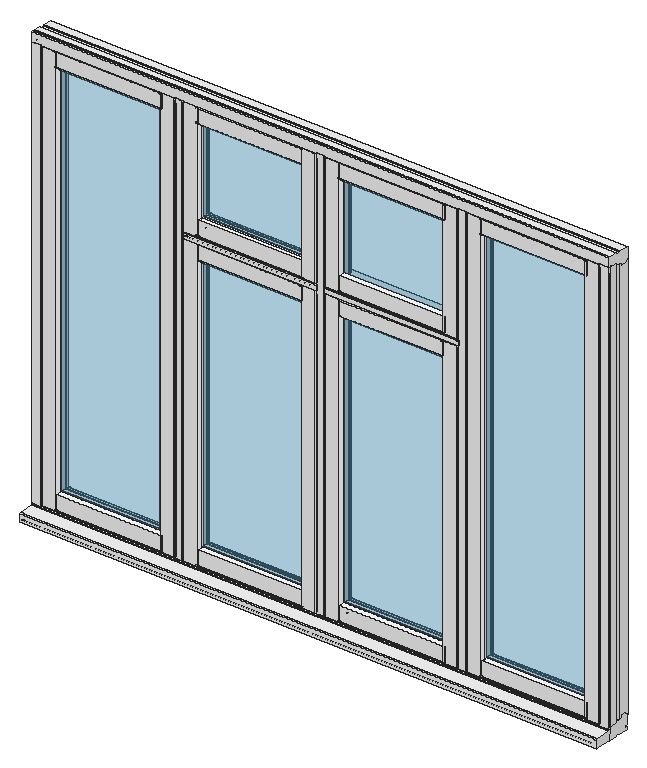
Revit family "C42", category Generic Models, Revit 2012
Parameters (values of type "Window Sill drawing")
  Width = 2358 mm
  Height = 1770 mm
  GlazingPanelMaterial = Glass
  Floor Material = White
Reference planes
  plane 1 "Center (Front/Back)": y = 0
  plane 2: z = 0
  plane 3 "Center (Left/Right)": x = 0
  plane 4: z = 33
  plane 5: x = -1328
  plane 6: x = -149
  plane 7: x = 1030
  plane 8: y = 67
  plane 9: y = -67
  plane 10: z = 1770
  plane 11: z = 117
  plane 12: x = 414
  plane 13: x = 402
  plane 14: z = 60
  plane 15: y = 16.985
  plane 16: z = 1734
  plane 17: z = 1730
  plane 18: x = -1292
  plane 19: x = -1288
  plane 20: x = -132
  plane 21: x = -136
  plane 22: x = -168
  plane 23: x = -164
  plane 24: x = -710
  plane 25: x = -714
  plane 26: z = 1255.81
  plane 27: z = 1251.81
  plane 28: z = 1228.81
  plane 29: z = 1224.81
  plane 30: x = 409.987
  plane 31: x = 994
  plane 32: x = 990
Forms (mm)
  Extrusion 1, solid, not visible
    sketch origin (0, 0, 9.375) x (0, 1, 0) y (0, 0, 1)
      loop
        line (94.662, 311.911) -> (94.314, 312.868) -> (95.314, 312.868) -> (93.454, 317.977) -> (86.115, 317.977) -> (85.011, 317.575) -> (64.143, 317.575) -> (64.143, 311.911) -> (94.662, 311.911)
    from 0 to 250
  Extrusion 2, solid, not visible
    sketch origin (0, 0, 9.375) x (0, 1, 0) y (0, 0, 1)
      loop
        line (93.688, 317.334) -> (85.92, 317.334) -> (87.101, 312.926) -> (95.293, 312.926) -> (93.688, 317.334)
      loop
        line (91.853, 322.376) -> (91.853, 328.194)
        arc (91.853, 328.194) -> (91.424, 329.231) -> (90.388, 329.66) r 1.465
        line (90.388, 329.66) -> (71.853, 329.66) -> (71.853, 322.376) -> (91.853, 322.376)
      loop
        line (73.373, 320.598) -> (64.143, 320.598) -> (64.143, 317.575) -> (73.373, 317.575) -> (73.373, 320.598)
      loop
        line (61.169, 311.884) -> (61.169, 316.884) -> (56.169, 316.884)
        arc (56.169, 316.884) -> (53.926, 317.813) -> (52.996, 320.057) r 3.173
        line (52.996, 320.057) -> (52.996, 327.594)
        arc (52.996, 327.594) -> (53.247, 329.284) -> (54.656, 330.25) r 2.138
        line (54.656, 330.25) -> (56.493, 330.25)
        arc (56.493, 330.25) -> (57.939, 329.727) -> (58.925, 328.548) r 2.95
        line (58.925, 328.548) -> (59.306, 324.922) -> (61.24, 324.922) -> (60.612, 330.901)
        arc (60.612, 330.901) -> (59.723, 332.646) -> (57.894, 333.348) r 2.733
        line (57.894, 333.348) -> (52.423, 333.348)
        arc (52.423, 333.348) -> (50.164, 330.795) -> (49.999, 327.391) r 5.139
        line (49.999, 327.391) -> (47.957, 316.884)
        arc (47.957, 316.884) -> (49.179, 314.507) -> (49.698, 311.884) r 9.583
        line (49.698, 311.884) -> (61.169, 311.884)
    from 0 to 250
  Extrusion 3, solid, not visible
    sketch origin (-848.022, -244.537, 0) x (1, 0, 0) y (0, 1, 0)
      loop
        line (-156.504, 643.402) -> (-146.504, 653.402) -> (-146.504, 655.402) -> (-162.504, 655.402) -> (-162.504, 703.402) -> (-199.504, 703.402)
        arc (-199.504, 703.402) -> (-201.625, 702.524) -> (-202.504, 700.402) r 3
        line (-202.504, 700.402) -> (-202.504, 695.402) -> (-196.504, 695.402) -> (-196.504, 692.402) -> (-202.504, 692.402) -> (-202.504, 679.402) -> (-196.504, 679.402) -> (-196.504, 667.402) -> (-202.504, 667.402) -> (-202.504, 646.402)
        arc (-202.504, 646.402) -> (-201.625, 644.281) -> (-199.504, 643.402) r 3
        line (-199.504, 643.402) -> (-156.504, 643.402)
    from 672 to 1294
  Extrusion 4, solid, not visible
    sketch origin (-848.022, -244.537, 0) x (1, 0, 0) y (0, 1, 0)
      loop
        line (-162.504, 700.402) -> (-162.504, 681.402) -> (-150.504, 681.402) -> (-150.504, 684.402) -> (-146.504, 685.402) -> (-146.504, 689.402) -> (-149.504, 689.402)
        arc (-149.504, 689.402) -> (-151.847, 695.059) -> (-157.504, 697.402) r 8
        line (-157.504, 697.402) -> (-157.504, 700.402) -> (-162.504, 700.402)
    from 672 to 1294
  Extrusion 5, solid, not visible
    sketch origin (-511.418, -643.152, -230) x (1, 0, 0) y (0, 1, 0)
      loop
        line (-200.504, 641.902) -> (-200.504, 638.902) -> (-198.254, 638.902) -> (-198.254, 634.902) -> (-195.818, 634.902) -> (-195.818, 638.902) -> (-193.504, 638.902) -> (-193.504, 641.902) -> (-195.282, 641.902) -> (-195.282, 641.116) -> (-194.482, 641.116) -> (-194.482, 639.814) -> (-199.81, 639.814) -> (-199.81, 641.116) -> (-199.01, 641.116) -> (-199.01, 641.902) -> (-200.504, 641.902)
    from 230 to 852
  Extrusion 6, solid, not visible
    sketch origin (-511.418, -643.152, -140) x (1, 0, 0) y (0, 1, 0)
      loop
        line (-194.482, 639.814) -> (-194.482, 641.116) -> (-199.81, 641.116) -> (-199.81, 639.814) -> (-194.482, 639.814)
    from 140 to 762
  Extrusion 7, solid, not visible
    sketch origin (-511.418, -643.152, 0) x (1, 0, 0) y (0, 1, 0)
      loop
        spline (-199.847, 645.779) -> (-199.478, 645.505) -> (-199.241, 645.183) -> (-199.108, 644.823) -> (-199.048, 644.431) -> (-199.033, 644.016) -> (-199.035, 643.585) -> (-199.023, 643.147) -> (-198.97, 642.709) -> (-198.847, 642.279) -> (-198.624, 641.865) -> (-198.272, 641.475) -> (-197.764, 641.116)
        line (-197.764, 641.116) -> (-196.529, 641.116)
        spline (-196.529, 641.116) -> (-195.991, 641.457) -> (-195.612, 641.839) -> (-195.363, 642.251) -> (-195.215, 642.684) -> (-195.139, 643.129) -> (-195.106, 643.577) -> (-195.086, 644.017) -> (-195.05, 644.441) -> (-194.969, 644.838) -> (-194.814, 645.2) -> (-194.556, 645.517) -> (-194.166, 645.779)
        line (-194.166, 645.779) -> (-199.847, 645.779)
    from 0 to 622
  Extrusion 8, solid, material "White" <- "Floor Material"
    sketch origin (0, -3440.583, 266.929) x (0, 1, 0) y (0, 0, 1)
      loop
        line (3451.083, 1455.128) -> (3435.083, 1455.128)
        arc (3435.083, 1455.128) -> (3433.669, 1454.542) -> (3433.083, 1453.128) r 2
        line (3433.083, 1453.128) -> (3415.083, 1453.128)
        arc (3415.083, 1453.128) -> (3414.498, 1454.542) -> (3413.083, 1455.128) r 2
        line (3413.083, 1455.128) -> (3402.083, 1455.128) -> (3402.083, 1460.128)
        arc (3402.083, 1460.128) -> (3401.205, 1462.249) -> (3399.083, 1463.128) r 3
        line (3399.083, 1463.128) -> (3397.083, 1463.128)
        arc (3397.083, 1463.128) -> (3394.962, 1462.249) -> (3394.083, 1460.128) r 3
        line (3394.083, 1460.128) -> (3394.083, 1405.128) -> (3404.083, 1395.128) -> (3406.083, 1395.128) -> (3406.083, 1411.128) -> (3454.083, 1411.128) -> (3454.083, 1452.128)
        arc (3454.083, 1452.128) -> (3453.205, 1454.249) -> (3451.083, 1455.128) r 3
    from -657.987 to -219.993
  Sweep 9, solid, material "White" <- "Floor Material"
    path origin (16.12, -8, -4.107) x (1, 0, 0) y (0, 0, 1)
      loop
        line (-674, 1682.007) -> (-674, 1316.11) -> (-236.22, 1316.11) -> (-236.22, 1682.007) -> (-674, 1682.007)
    profile origin (-438.99, -8, 1677.9) x (0, 0, 1) y (0, -1, 0)
      loop
        line (-4.893, -19) -> (0.107, -19) -> (0.107, 0) -> (-11.893, 0) -> (-11.893, -3) -> (-15.893, -4) -> (-15.893, -8) -> (-12.893, -8)
        arc (-12.893, -8) -> (-10.55, -13.657) -> (-4.893, -16) r 8
        line (-4.893, -16) -> (-4.893, -19)
  Extrusion 10, solid, material "Glass"
    sketch origin (2388.494, -1584.07, 280) x (1, 0, 0) y (0, 1, 0)
      loop
        line (-3042.481, 1575.085) -> (-3042.481, 1571.085) -> (-2613.487, 1571.085) -> (-2613.487, 1575.085) -> (-3042.481, 1575.085)
      loop
        line (-3042.481, 1555.085) -> (-3042.481, 1551.085) -> (-2613.487, 1551.085) -> (-2613.487, 1555.085) -> (-3042.481, 1555.085)
    from 1035.803 to 1393.007
  Sweep 11, solid
    path origin (16.013, -20.977, 276) x (1, 0, 0) y (0, 0, 1)
      loop
        line (-670, 1398.057) -> (-670, 1039.803) -> (-240.013, 1039.803) -> (-240.013, 1398.057) -> (-670, 1398.057)
    profile origin (-438.993, -20.977, 1674.057) x (0, 0, 1) y (0, -1, 0)
      loop
        line (0, -8) -> (0, 8) -> (-10, 8) -> (-10, -8) -> (0, -8)
  Extrusion 12, solid, material "White" <- "Floor Material"
    sketch origin (0, -3500.599, -3.128) x (0, 1, 0) y (0, 0, 1)
      loop
        line (3457.583, 41.128) -> (3452.583, 41.128) -> (3395.213, 37.105)
        arc (3395.213, 37.105) -> (3393.335, 36.114) -> (3392.583, 34.128) r 3
        line (3392.583, 34.128) -> (3392.583, 3.128) -> (3397.583, 3.128) -> (3397.583, 5.128)
        arc (3397.583, 5.128) -> (3400.583, 8.128) -> (3403.583, 5.128) r 3
        line (3403.583, 5.128) -> (3403.583, 3.128) -> (3452.583, 3.128) -> (3452.583, 26.128) -> (3457.583, 26.128) -> (3457.583, 41.128)
    from -1328 to 1030
  Extrusion 13, solid, material "White" <- "Floor Material"
    sketch origin (0, -3500.599, -3.128) x (0, 1, 0) y (0, 0, 1)
      loop
        line (3546.583, 58.128) -> (3543.583, 58.128)
        arc (3543.583, 58.128) -> (3540.655, 65.199) -> (3533.583, 68.128) r 10
        line (3533.583, 68.128) -> (3533.583, 71.128) -> (3517.583, 71.128) -> (3517.583, 63.128) -> (3523.583, 63.128) -> (3523.583, 60.128) -> (3517.583, 60.128) -> (3517.583, 59.128) -> (3494.583, 56.128) -> (3494.583, 51.128) -> (3454.583, 46.128)
        arc (3454.583, 46.128) -> (3453.169, 45.542) -> (3452.583, 44.128) r 2
        line (3452.583, 44.128) -> (3452.583, 41.128) -> (3457.583, 41.128) -> (3457.583, 26.128) -> (3452.583, 26.128) -> (3452.583, 3.128) -> (3457.583, 3.128) -> (3457.583, 5.128)
        arc (3457.583, 5.128) -> (3460.583, 8.128) -> (3463.583, 5.128) r 3
        line (3463.583, 5.128) -> (3463.583, 3.128) -> (3489.583, 3.128) -> (3489.583, 8.128) -> (3509.583, 8.128) -> (3509.583, 3.128) -> (3546.583, 3.128) -> (3546.583, 13.128) -> (3536.583, 13.128) -> (3536.583, 23.128) -> (3546.583, 23.128) -> (3546.583, 58.128)
    from -1328 to 1030
  Sweep 14, solid, material "White" <- "Floor Material"
    path origin (0, 0, 0) x (1, 0, 0) y (0, 0, 1)
      loop
        line (-1328, 1770) -> (1030, 1770)
    profile origin (-149, 0, 1770) x (0, 0, 1) y (0, -1, 0)
      loop
        line (0, -10) -> (-5, -10) -> (-5, 10) -> (0, 10) -> (0, 36) -> (-2, 36)
        arc (-2, 36) -> (-5, 39) -> (-2, 42) r 3
        line (-2, 42) -> (0, 42) -> (0, 47) -> (-36, 47) -> (-36, 43)
        arc (-36, 43) -> (-34.834, 41.499) -> (-33, 41) r 3
        line (-33, 41) -> (-33, 34.079)
        arc (-33, 34.079) -> (-34.922, 33.441) -> (-36, 31.727) r 3
        line (-36, 31.727) -> (-36, 7) -> (-44, 7) -> (-44, -1) -> (-36, -1) -> (-36, -4) -> (-44, -4) -> (-44, -14) -> (-36, -14) -> (-36, -18) -> (-56, -18) -> (-56, -34) -> (-53, -34)
        arc (-53, -34) -> (-50.071, -41.071) -> (-43, -44) r 10
        line (-43, -44) -> (-43, -47) -> (0, -47) -> (0, -10)
  Extrusion 15, solid, material "White" <- "Floor Material"
    sketch origin (753.141, -3440.699, 1654.007) x (0, 1, 0) y (-1, 0, 0)
      loop
        line (3451.083, 1455.128) -> (3435.083, 1455.128)
        arc (3435.083, 1455.128) -> (3433.669, 1454.542) -> (3433.083, 1453.128) r 2
        line (3433.083, 1453.128) -> (3415.083, 1453.128)
        arc (3415.083, 1453.128) -> (3414.498, 1454.542) -> (3413.083, 1455.128) r 2
        line (3413.083, 1455.128) -> (3402.083, 1455.128) -> (3402.083, 1460.128)
        arc (3402.083, 1460.128) -> (3401.205, 1462.249) -> (3399.083, 1463.128) r 3
        line (3399.083, 1463.128) -> (3397.083, 1463.128)
        arc (3397.083, 1463.128) -> (3394.962, 1462.249) -> (3394.083, 1460.128) r 3
        line (3394.083, 1460.128) -> (3394.083, 1405.128) -> (3404.083, 1395.128) -> (3406.083, 1395.128) -> (3406.083, 1411.128) -> (3454.083, 1411.128) -> (3454.083, 1452.128)
        arc (3454.083, 1452.128) -> (3453.205, 1454.249) -> (3451.083, 1455.128) r 3
    from -398.197 to 76.051
  Extrusion 16, solid, material "White" <- "Floor Material"
    sketch origin (-1521.128, -3440.699, 1654.007) x (0, 1, 0) y (-1, 0, 0)
      loop
        arc (3451.083, -1345.128) -> (3453.205, -1344.249) -> (3454.083, -1342.128) r 3
        line (3454.083, -1342.128) -> (3454.083, -1301.128) -> (3406.083, -1301.128) -> (3406.083, -1285.128) -> (3404.083, -1285.128) -> (3394.083, -1295.128) -> (3394.083, -1350.128)
        arc (3394.083, -1350.128) -> (3394.962, -1352.249) -> (3397.083, -1353.128) r 3
        line (3397.083, -1353.128) -> (3399.083, -1353.128)
        arc (3399.083, -1353.128) -> (3401.205, -1352.249) -> (3402.083, -1350.128) r 3
        line (3402.083, -1350.128) -> (3402.083, -1345.128) -> (3413.083, -1345.128)
        arc (3413.083, -1345.128) -> (3414.498, -1344.542) -> (3415.083, -1343.128) r 2
        line (3415.083, -1343.128) -> (3433.083, -1343.128)
        arc (3433.083, -1343.128) -> (3433.669, -1344.542) -> (3435.083, -1345.128) r 2
        line (3435.083, -1345.128) -> (3451.083, -1345.128)
    from -398.197 to 76.051
  Extrusion 17, solid, material "White" <- "Floor Material"
    sketch origin (-14.349, -3440.583, 2722.931) x (0, 1, 0) y (0, 0, 1)
      loop
        arc (3451.083, -1455.128) -> (3453.205, -1454.249) -> (3454.083, -1452.128) r 3
        line (3454.083, -1452.128) -> (3454.083, -1411.128) -> (3406.083, -1411.128) -> (3406.083, -1395.128) -> (3404.083, -1395.128) -> (3394.083, -1405.128) -> (3394.083, -1464.121)
        arc (3394.083, -1464.121) -> (3394.962, -1466.243) -> (3397.083, -1467.121) r 3
        line (3397.083, -1467.121) -> (3399.083, -1467.121)
        arc (3399.083, -1467.121) -> (3401.205, -1466.243) -> (3402.083, -1464.121) r 3
        line (3402.083, -1464.121) -> (3402.083, -1455.128) -> (3413.083, -1455.128)
        arc (3413.083, -1455.128) -> (3414.498, -1454.542) -> (3415.083, -1453.128) r 2
        line (3415.083, -1453.128) -> (3433.083, -1453.128)
        arc (3433.083, -1453.128) -> (3433.669, -1454.542) -> (3435.083, -1455.128) r 2
        line (3435.083, -1455.128) -> (3451.083, -1455.128)
    from -643.638 to -205.644
  Extrusion 18, solid, material "White" <- "Floor Material"
    sketch origin (-1476.128, -3440.699, 1654.007) x (0, 1, 0) y (-1, 0, 0)
      loop
        line (3397.083, -1312.128) -> (3393.083, -1312.128) -> (3393.083, -1340.128) -> (3397.083, -1340.128)
        arc (3397.083, -1340.128) -> (3398.498, -1339.542) -> (3399.083, -1338.128) r 2
        line (3399.083, -1338.128) -> (3399.083, -1337.128) -> (3406.083, -1337.128) -> (3406.083, -1338.128)
        arc (3406.083, -1338.128) -> (3406.669, -1339.542) -> (3408.083, -1340.128) r 2
        line (3408.083, -1340.128) -> (3433.083, -1340.128) -> (3433.083, -1346.128) -> (3441.083, -1346.128) -> (3441.083, -1340.128) -> (3444.083, -1340.128) -> (3444.083, -1348.128) -> (3454.083, -1348.128) -> (3454.083, -1340.128) -> (3458.083, -1340.128) -> (3458.083, -1360.128) -> (3474.083, -1360.128) -> (3474.083, -1357.128)
        arc (3474.083, -1357.128) -> (3481.155, -1354.199) -> (3484.083, -1347.128) r 10
        line (3484.083, -1347.128) -> (3487.083, -1347.128) -> (3487.083, -1305.128) -> (3484.083, -1305.128)
        arc (3484.083, -1305.128) -> (3481.155, -1298.057) -> (3474.083, -1295.128) r 10
        line (3474.083, -1295.128) -> (3474.083, -1292.128) -> (3458.083, -1292.128) -> (3458.083, -1312.128) -> (3454.083, -1312.128) -> (3454.083, -1304.128) -> (3444.083, -1304.128) -> (3444.083, -1312.128) -> (3441.083, -1312.128) -> (3441.083, -1306.128) -> (3433.083, -1306.128) -> (3433.083, -1312.128) -> (3408.083, -1312.128)
        arc (3408.083, -1312.128) -> (3406.669, -1312.714) -> (3406.083, -1314.128) r 2
        line (3406.083, -1314.128) -> (3406.083, -1315.128) -> (3399.083, -1315.128) -> (3399.083, -1314.128)
        arc (3399.083, -1314.128) -> (3398.498, -1312.714) -> (3397.083, -1312.128) r 2
    from -1606.007 to 79.993
  Extrusion 19, solid, material "White" <- "Floor Material"
    sketch origin (-300, -3440.583, 266.513) x (0, 1, 0) y (0, 0, -1)
      loop
        arc (3451.083, -1455.128) -> (3453.205, -1454.249) -> (3454.083, -1452.128) r 3
        line (3454.083, -1452.128) -> (3454.083, -1411.128) -> (3406.083, -1411.128) -> (3406.083, -1395.128) -> (3404.083, -1395.128) -> (3394.083, -1405.128) -> (3394.083, -1460.128)
        arc (3394.083, -1460.128) -> (3394.962, -1462.249) -> (3397.083, -1463.128) r 3
        line (3397.083, -1463.128) -> (3399.083, -1463.128)
        arc (3399.083, -1463.128) -> (3401.205, -1462.249) -> (3402.083, -1460.128) r 3
        line (3402.083, -1460.128) -> (3402.083, -1455.128) -> (3413.083, -1455.128)
        arc (3413.083, -1455.128) -> (3414.498, -1454.542) -> (3415.083, -1453.128) r 2
        line (3415.083, -1453.128) -> (3433.083, -1453.128)
        arc (3433.083, -1453.128) -> (3433.669, -1454.542) -> (3435.083, -1455.128) r 2
        line (3435.083, -1455.128) -> (3451.083, -1455.128)
    from -657.92 to -220.093
  Extrusion 20, solid, material "White" <- "Floor Material"
    sketch origin (-300, -3440.199, 1515.078) x (0, 1, 0) y (0, 0, -1)
      loop
        line (3451.083, 1455.128) -> (3435.083, 1455.128)
        arc (3435.083, 1455.128) -> (3433.669, 1454.542) -> (3433.083, 1453.128) r 2
        line (3433.083, 1453.128) -> (3415.083, 1453.128)
        arc (3415.083, 1453.128) -> (3414.498, 1454.542) -> (3413.083, 1455.128) r 2
        line (3413.083, 1455.128) -> (3402.083, 1455.128) -> (3402.083, 1464.078)
        arc (3402.083, 1464.078) -> (3401.205, 1466.2) -> (3399.083, 1467.078) r 3
        line (3399.083, 1467.078) -> (3397.083, 1467.078)
        arc (3397.083, 1467.078) -> (3394.962, 1466.2) -> (3394.083, 1464.078) r 3
        line (3394.083, 1464.078) -> (3394.083, 1405.128) -> (3404.083, 1395.128) -> (3406.083, 1395.128) -> (3406.083, 1411.128) -> (3454.083, 1411.128) -> (3454.083, 1452.128)
        arc (3454.083, 1452.128) -> (3453.205, 1454.249) -> (3451.083, 1455.128) r 3
    from -657.92 to -220.093
  Extrusion 21, solid, material "White" <- "Floor Material"
    sketch origin (0, -3440.583, 1515.128) x (0, 1, 0) y (0, 0, 1)
      loop
        arc (3451.083, -1455.128) -> (3453.205, -1454.249) -> (3454.083, -1452.128) r 3
        line (3454.083, -1452.128) -> (3454.083, -1411.128) -> (3406.083, -1411.128) -> (3406.083, -1395.128) -> (3404.083, -1395.128) -> (3394.083, -1405.128) -> (3394.083, -1464.128)
        arc (3394.083, -1464.128) -> (3394.962, -1466.249) -> (3397.083, -1467.128) r 3
        line (3397.083, -1467.128) -> (3399.083, -1467.128)
        arc (3399.083, -1467.128) -> (3401.205, -1466.249) -> (3402.083, -1464.128) r 3
        line (3402.083, -1464.128) -> (3402.083, -1455.128) -> (3413.083, -1455.128)
        arc (3413.083, -1455.128) -> (3414.498, -1454.542) -> (3415.083, -1453.128) r 2
        line (3415.083, -1453.128) -> (3433.083, -1453.128)
        arc (3433.083, -1453.128) -> (3433.669, -1454.542) -> (3435.083, -1455.128) r 2
        line (3435.083, -1455.128) -> (3451.083, -1455.128)
    from -657.987 to -219.993
  Extrusion 22, solid, material "White" <- "Floor Material"
    sketch origin (-2125.852, -3440.699, -191.1) x (0, 1, 0) y (0, 0, -1)
      loop
        line (3397.083, -1421.91) -> (3393.083, -1421.91) -> (3393.083, -1441.91) -> (3393.083, -1442.91)
        arc (3393.083, -1442.91) -> (3393.669, -1444.325) -> (3395.083, -1444.91) r 2
        line (3395.083, -1444.91) -> (3435.083, -1450.128) -> (3435.083, -1455.128) -> (3458.083, -1458.128) -> (3458.083, -1459.128) -> (3464.083, -1459.128) -> (3464.083, -1462.128) -> (3458.083, -1462.128) -> (3458.083, -1470.128) -> (3474.083, -1470.128) -> (3474.083, -1467.128)
        arc (3474.083, -1467.128) -> (3481.155, -1464.199) -> (3484.083, -1457.128) r 10
        line (3484.083, -1457.128) -> (3487.083, -1457.128) -> (3487.083, -1415.128) -> (3484.083, -1415.128)
        arc (3484.083, -1415.128) -> (3481.155, -1408.057) -> (3474.083, -1405.128) r 10
        line (3474.083, -1405.128) -> (3474.083, -1402.128) -> (3458.083, -1402.128) -> (3458.083, -1422.128) -> (3454.083, -1422.128) -> (3454.083, -1413.91) -> (3444.083, -1413.91) -> (3444.083, -1421.91) -> (3441.083, -1421.91) -> (3441.083, -1415.91) -> (3433.083, -1415.91) -> (3433.083, -1421.91) -> (3408.083, -1421.91)
        arc (3408.083, -1421.91) -> (3406.669, -1422.496) -> (3406.083, -1423.91) r 2
        line (3406.083, -1423.91) -> (3406.083, -1424.91) -> (3399.083, -1424.91) -> (3399.083, -1423.91)
        arc (3399.083, -1423.91) -> (3398.498, -1422.496) -> (3397.083, -1421.91) r 2
    from -1961.852 to -1411.852
  Extrusion 23, solid, material "White" <- "Floor Material"
    sketch origin (-31.073, -3440.583, -234.318) x (0, 1, 0) y (0, 0, 1)
      loop
        line (3451.083, 1455.128) -> (3435.083, 1455.128)
        arc (3435.083, 1455.128) -> (3433.669, 1454.542) -> (3433.083, 1453.128) r 2
        line (3433.083, 1453.128) -> (3415.083, 1453.128)
        arc (3415.083, 1453.128) -> (3414.498, 1454.542) -> (3413.083, 1455.128) r 2
        line (3413.083, 1455.128) -> (3402.083, 1455.128) -> (3402.083, 1460.128)
        arc (3402.083, 1460.128) -> (3401.205, 1462.249) -> (3399.083, 1463.128) r 3
        line (3399.083, 1463.128) -> (3397.083, 1463.128)
        arc (3397.083, 1463.128) -> (3394.962, 1462.249) -> (3394.083, 1460.128) r 3
        line (3394.083, 1460.128) -> (3394.083, 1405.128) -> (3404.083, 1395.128) -> (3406.083, 1395.128) -> (3406.083, 1411.128) -> (3454.083, 1411.128) -> (3454.083, 1452.128)
        arc (3454.083, 1452.128) -> (3453.205, 1454.249) -> (3451.083, 1455.128) r 3
    from -620.914 to -194.927
  Sweep 24, solid, material "White" <- "Floor Material"
    path origin (16.12, -8, -514.094) x (1, 0, 0) y (0, 0, 1)
      loop
        line (-674, 1689.021) -> (-674, 618.194) -> (-236.22, 618.194) -> (-236.22, 1689.021) -> (-674, 1689.021)
    profile origin (-438.99, -8, 1174.927) x (0, 0, 1) y (0, -1, 0)
      loop
        line (-4.893, -19) -> (0.107, -19) -> (0.107, 0) -> (-11.893, 0) -> (-11.893, -3) -> (-15.893, -4) -> (-15.893, -8) -> (-12.893, -8)
        arc (-12.893, -8) -> (-10.55, -13.657) -> (-4.893, -16) r 8
        line (-4.893, -16) -> (-4.893, -19)
  Extrusion 25, solid, material "White" <- "Floor Material"
    sketch origin (753.141, -3440.699, 1144.02) x (0, 1, 0) y (-1, 0, 0)
      loop
        line (3451.083, 1455.128) -> (3435.083, 1455.128)
        arc (3435.083, 1455.128) -> (3433.669, 1454.542) -> (3433.083, 1453.128) r 2
        line (3433.083, 1453.128) -> (3415.083, 1453.128)
        arc (3415.083, 1453.128) -> (3414.498, 1454.542) -> (3413.083, 1455.128) r 2
        line (3413.083, 1455.128) -> (3402.083, 1455.128) -> (3402.083, 1460.128)
        arc (3402.083, 1460.128) -> (3401.205, 1462.249) -> (3399.083, 1463.128) r 3
        line (3399.083, 1463.128) -> (3397.083, 1463.128)
        arc (3397.083, 1463.128) -> (3394.962, 1462.249) -> (3394.083, 1460.128) r 3
        line (3394.083, 1460.128) -> (3394.083, 1405.128) -> (3404.083, 1395.128) -> (3406.083, 1395.128) -> (3406.083, 1411.128) -> (3454.083, 1411.128) -> (3454.083, 1452.128)
        arc (3454.083, 1452.128) -> (3453.205, 1454.249) -> (3451.083, 1455.128) r 3
    from -1096.143 to 84.79
  Extrusion 26, solid, material "White" <- "Floor Material"
    sketch origin (-1521.128, -3440.699, 1144.02) x (0, 1, 0) y (-1, 0, 0)
      loop
        arc (3451.083, -1345.128) -> (3453.205, -1344.249) -> (3454.083, -1342.128) r 3
        line (3454.083, -1342.128) -> (3454.083, -1301.128) -> (3406.083, -1301.128) -> (3406.083, -1285.128) -> (3404.083, -1285.128) -> (3394.083, -1295.128) -> (3394.083, -1350.128)
        arc (3394.083, -1350.128) -> (3394.962, -1352.249) -> (3397.083, -1353.128) r 3
        line (3397.083, -1353.128) -> (3399.083, -1353.128)
        arc (3399.083, -1353.128) -> (3401.205, -1352.249) -> (3402.083, -1350.128) r 3
        line (3402.083, -1350.128) -> (3402.083, -1345.128) -> (3413.083, -1345.128)
        arc (3413.083, -1345.128) -> (3414.498, -1344.542) -> (3415.083, -1343.128) r 2
        line (3415.083, -1343.128) -> (3433.083, -1343.128)
        arc (3433.083, -1343.128) -> (3433.669, -1344.542) -> (3435.083, -1345.128) r 2
        line (3435.083, -1345.128) -> (3451.083, -1345.128)
    from -1096.02 to 84.79
  Extrusion 27, solid, material "Glass"
    sketch origin (2388.494, -1584.07, -509.987) x (1, 0, 0) y (0, 1, 0)
      loop
        line (-3042.481, 1575.085) -> (-3042.481, 1571.085) -> (-2608.487, 1571.085) -> (-2608.487, 1575.085) -> (-3042.481, 1575.085)
      loop
        line (-3042.481, 1555.085) -> (-3042.481, 1551.085) -> (-2608.487, 1551.085) -> (-2608.487, 1555.085) -> (-3042.481, 1555.085)
    from 617.987 to 1680.797
  Sweep 28, solid
    path origin (16.013, -20.977, -513.987) x (1, 0, 0) y (0, 0, 1)
      loop
        line (-670, 1685.021) -> (-670, 621.987) -> (-240.006, 621.987) -> (-240.006, 1685.021) -> (-670, 1685.021)
    profile origin (-438.99, -20.977, 1171.034) x (0, 0, 1) y (0, -1, 0)
      loop
        line (0, -8) -> (0, 8) -> (-10, 8) -> (-10, -8) -> (0, -8)
  Sweep 29, solid, material "White" <- "Floor Material"
    path origin (593.813, -8, -514.094) x (1, 0, 0) y (0, 0, 1)
      loop
        line (-673.613, 2191.534) -> (-673.613, 618.194) -> (-236, 618.194) -> (-236, 2191.534) -> (-673.613, 2191.534)
    profile origin (139.007, -8, 1677.441) x (0, 0, 1) y (0, -1, 0)
      loop
        line (-4.893, -19) -> (0.107, -19) -> (0.107, 0) -> (-11.893, 0) -> (-11.893, -3) -> (-15.893, -4) -> (-15.893, -8) -> (-12.893, -8)
        arc (-12.893, -8) -> (-10.55, -13.657) -> (-4.893, -16) r 8
        line (-4.893, -16) -> (-4.893, -19)
  Extrusion 30, solid, material "Glass"
    sketch origin (2966.187, -1584.07, -509.987) x (1, 0, 0) y (0, 1, 0)
      loop
        line (-3041.094, 1575.085) -> (-3041.094, 1571.085) -> (-2612.267, 1571.085) -> (-2612.267, 1575.085) -> (-3041.094, 1575.085)
      loop
        line (-3041.96, 1555.085) -> (-3041.96, 1551.085) -> (-2612.267, 1551.085) -> (-2612.267, 1555.085) -> (-3041.96, 1555.085)
    from 617.987 to 2182.534
  Sweep 31, solid
    path origin (593.706, -20.977, -513.987) x (1, 0, 0) y (0, 0, 1)
      loop
        line (-669.479, 2187.987) -> (-669.479, 621.987) -> (-239.786, 621.987) -> (-239.786, 2187.987) -> (-669.479, 2187.987)
    profile origin (139.074, -20.977, 1674) x (0, 0, 1) y (0, -1, 0)
      loop
        line (0, -8) -> (0, 8) -> (-10, 8) -> (-10, -8) -> (0, -8)
  Extrusion 32, solid, material "White" <- "Floor Material"
    sketch origin (-578, -3440.583, 266.929) x (0, 1, 0) y (0, 0, 1)
      loop
        line (3451.083, 1455.128) -> (3435.083, 1455.128)
        arc (3435.083, 1455.128) -> (3433.669, 1454.542) -> (3433.083, 1453.128) r 2
        line (3433.083, 1453.128) -> (3415.083, 1453.128)
        arc (3415.083, 1453.128) -> (3414.498, 1454.542) -> (3413.083, 1455.128) r 2
        line (3413.083, 1455.128) -> (3402.083, 1455.128) -> (3402.083, 1460.128)
        arc (3402.083, 1460.128) -> (3401.205, 1462.249) -> (3399.083, 1463.128) r 3
        line (3399.083, 1463.128) -> (3397.083, 1463.128)
        arc (3397.083, 1463.128) -> (3394.962, 1462.249) -> (3394.083, 1460.128) r 3
        line (3394.083, 1460.128) -> (3394.083, 1405.128) -> (3404.083, 1395.128) -> (3406.083, 1395.128) -> (3406.083, 1411.128) -> (3454.083, 1411.128) -> (3454.083, 1452.128)
        arc (3454.083, 1452.128) -> (3453.205, 1454.249) -> (3451.083, 1455.128) r 3
    from -657.987 to -219.993
  Sweep 33, solid, material "White" <- "Floor Material"
    path origin (-561.88, -8, -4.107) x (1, 0, 0) y (0, 0, 1)
      loop
        line (-674, 1682.007) -> (-674, 108.207) -> (-236.22, 108.207) -> (-236.22, 1682.007) -> (-674, 1682.007)
    profile origin (-1016.99, -8, 1677.9) x (0, 0, 1) y (0, -1, 0)
      loop
        line (-4.893, -19) -> (0.107, -19) -> (0.107, 0) -> (-11.893, 0) -> (-11.893, -3) -> (-15.893, -4) -> (-15.893, -8) -> (-12.893, -8)
        arc (-12.893, -8) -> (-10.55, -13.657) -> (-4.893, -16) r 8
        line (-4.893, -16) -> (-4.893, -19)
  Extrusion 34, solid, material "Glass"
    sketch origin (1810.494, -1584.07, 280) x (1, 0, 0) y (0, 1, 0)
      loop
        line (-3042.481, 1575.085) -> (-3042.481, 1571.085) -> (-2613.487, 1571.085) -> (-2613.487, 1575.085) -> (-3042.481, 1575.085)
      loop
        line (-3042.481, 1555.085) -> (-3042.481, 1551.085) -> (-2613.487, 1551.085) -> (-2613.487, 1555.085) -> (-3042.481, 1555.085)
    from -172.007 to 1393.007
  Sweep 35, solid
    path origin (-561.987, -20.977, 276) x (1, 0, 0) y (0, 0, 1)
      loop
        line (-670, 1398.057) -> (-670, -168.007) -> (-240.013, -168.007) -> (-240.013, 1398.057) -> (-670, 1398.057)
    profile origin (-1016.993, -20.977, 1674.057) x (0, 0, 1) y (0, -1, 0)
      loop
        line (0, -8) -> (0, 8) -> (-10, 8) -> (-10, -8) -> (0, -8)
  Extrusion 36, solid, material "White" <- "Floor Material"
    sketch origin (-2054.128, -3440.699, 1654.007) x (0, 1, 0) y (-1, 0, 0)
      loop
        line (3397.083, -1312.128) -> (3393.083, -1312.128) -> (3393.083, -1340.128) -> (3397.083, -1340.128)
        arc (3397.083, -1340.128) -> (3398.498, -1339.542) -> (3399.083, -1338.128) r 2
        line (3399.083, -1338.128) -> (3399.083, -1337.128) -> (3406.083, -1337.128) -> (3406.083, -1338.128)
        arc (3406.083, -1338.128) -> (3406.669, -1339.542) -> (3408.083, -1340.128) r 2
        line (3408.083, -1340.128) -> (3433.083, -1340.128) -> (3433.083, -1346.128) -> (3441.083, -1346.128) -> (3441.083, -1340.128) -> (3444.083, -1340.128) -> (3444.083, -1348.128) -> (3454.083, -1348.128) -> (3454.083, -1340.128) -> (3458.083, -1340.128) -> (3458.083, -1360.128) -> (3474.083, -1360.128) -> (3474.083, -1357.128)
        arc (3474.083, -1357.128) -> (3481.155, -1354.199) -> (3484.083, -1347.128) r 10
        line (3484.083, -1347.128) -> (3487.083, -1347.128) -> (3487.083, -1305.128) -> (3484.083, -1305.128)
        arc (3484.083, -1305.128) -> (3481.155, -1298.057) -> (3474.083, -1295.128) r 10
        line (3474.083, -1295.128) -> (3474.083, -1292.128) -> (3458.083, -1292.128) -> (3458.083, -1312.128) -> (3454.083, -1312.128) -> (3454.083, -1304.128) -> (3444.083, -1304.128) -> (3444.083, -1312.128) -> (3441.083, -1312.128) -> (3441.083, -1306.128) -> (3433.083, -1306.128) -> (3433.083, -1312.128) -> (3408.083, -1312.128)
        arc (3408.083, -1312.128) -> (3406.669, -1312.714) -> (3406.083, -1314.128) r 2
        line (3406.083, -1314.128) -> (3406.083, -1315.128) -> (3399.083, -1315.128) -> (3399.083, -1314.128)
        arc (3399.083, -1314.128) -> (3398.498, -1312.714) -> (3397.083, -1312.128) r 2
    from -1606.007 to 79.993
  Extrusion 37, solid, material "White" <- "Floor Material"
    sketch origin (-578, -3440.583, 1515.128) x (0, 1, 0) y (0, 0, 1)
      loop
        arc (3451.083, -1455.128) -> (3453.205, -1454.249) -> (3454.083, -1452.128) r 3
        line (3454.083, -1452.128) -> (3454.083, -1411.128) -> (3406.083, -1411.128) -> (3406.083, -1395.128) -> (3404.083, -1395.128) -> (3394.083, -1405.128) -> (3394.083, -1464.128)
        arc (3394.083, -1464.128) -> (3394.962, -1466.249) -> (3397.083, -1467.128) r 3
        line (3397.083, -1467.128) -> (3399.083, -1467.128)
        arc (3399.083, -1467.128) -> (3401.205, -1466.249) -> (3402.083, -1464.128) r 3
        line (3402.083, -1464.128) -> (3402.083, -1455.128) -> (3413.083, -1455.128)
        arc (3413.083, -1455.128) -> (3414.498, -1454.542) -> (3415.083, -1453.128) r 2
        line (3415.083, -1453.128) -> (3433.083, -1453.128)
        arc (3433.083, -1453.128) -> (3433.669, -1454.542) -> (3435.083, -1455.128) r 2
        line (3435.083, -1455.128) -> (3451.083, -1455.128)
    from -657.987 to -219.993
  Sweep 38, solid, material "White" <- "Floor Material"
    path origin (442, 0, 406) x (0, 0, -1) y (1, 0, 0)
      loop
        line (-1328, -1770) -> (406, -1770)
    profile origin (-1328, 0, 867) x (0, -1, 0) y (1, 0, 0)
      loop
        line (-10, 0) -> (-10, 5) -> (10, 5) -> (10, 0) -> (36, 0) -> (36, 2)
        arc (36, 2) -> (39, 5) -> (42, 2) r 3
        line (42, 2) -> (42, 0) -> (47, 0) -> (47, 36) -> (43, 36)
        arc (43, 36) -> (41.499, 34.834) -> (41, 33) r 3
        line (41, 33) -> (34.079, 33)
        arc (34.079, 33) -> (33.441, 34.922) -> (31.727, 36) r 3
        line (31.727, 36) -> (7, 36) -> (7, 44) -> (-1, 44) -> (-1, 36) -> (-4, 36) -> (-4, 44) -> (-14, 44) -> (-14, 36) -> (-18, 36) -> (-18, 56) -> (-34, 56) -> (-34, 53)
        arc (-34, 53) -> (-41.071, 50.071) -> (-44, 43) r 10
        line (-44, 43) -> (-47, 43) -> (-47, 0) -> (-10, 0)
  Sweep 39, solid, material "White" <- "Floor Material"
    path origin (-1320, 0, 406) x (0, 0, -1) y (1, 0, 0)
      loop
        line (-1328, 2350) -> (406, 2350)
    profile origin (1030, 0, 867) x (0, -1, 0) y (1, 0, 0)
      loop
        line (-10, 0) -> (-47, 0) -> (-47, -43) -> (-44, -43)
        arc (-44, -43) -> (-41.071, -50.071) -> (-34, -53) r 10
        line (-34, -53) -> (-34, -56) -> (-18, -56) -> (-18, -36) -> (-14, -36) -> (-14, -44) -> (-4, -44) -> (-4, -36) -> (-1, -36) -> (-1, -44) -> (7, -44) -> (7, -36) -> (31.727, -36)
        arc (31.727, -36) -> (33.441, -34.922) -> (34.079, -33) r 3
        line (34.079, -33) -> (41, -33)
        arc (41, -33) -> (41.499, -34.834) -> (43, -36) r 3
        line (43, -36) -> (47, -36) -> (47, 0) -> (42, 0) -> (42, -2)
        arc (42, -2) -> (39, -5) -> (36, -2) r 3
        line (36, -2) -> (36, 0) -> (10, 0) -> (10, -5) -> (-10, -5) -> (-10, 0)
  Sweep 40, void
    path origin (0, 0, 0) x (1, 0, 0) y (0, 1, 0)
      loop
        line (-1328, -1.015) -> (1030, -1.015)
    profile origin (-149, -1.015, 0) x (0, 1, 0) y (0, 0, 1)
      loop
        line (47, 55) -> (44, 55)
        arc (44, 55) -> (41.071, 62.071) -> (34, 65) r 10
        line (34, 65) -> (34, 68) -> (18, 68) -> (18, 60) -> (24, 60) -> (24, 57) -> (18, 57) -> (18, 56) -> (-5, 53) -> (-5, 48) -> (-45, 43)
        arc (-45, 43) -> (-46.414, 42.414) -> (-47, 41) r 2
        line (-47, 41) -> (-47, 38) -> (-79.364, 33.978) -> (-104.37, 30.977) -> (-129.37, 27.977)
        arc (-129.37, 27.977) -> (-131.248, 26.986) -> (-132, 25) r 3
        line (-132, 25) -> (-132, -5) -> (58, -5) -> (58, 55) -> (47, 55)
  Extrusion 41, solid, material "White" <- "Floor Material"
    sketch origin (-1547.852, -3440.699, -191.1) x (0, 1, 0) y (0, 0, -1)
      loop
        line (3397.083, -1421.91) -> (3393.083, -1421.91) -> (3393.083, -1441.91) -> (3393.083, -1442.91)
        arc (3393.083, -1442.91) -> (3393.669, -1444.325) -> (3395.083, -1444.91) r 2
        line (3395.083, -1444.91) -> (3435.083, -1450.128) -> (3435.083, -1455.128) -> (3458.083, -1458.128) -> (3458.083, -1459.128) -> (3464.083, -1459.128) -> (3464.083, -1462.128) -> (3458.083, -1462.128) -> (3458.083, -1470.128) -> (3474.083, -1470.128) -> (3474.083, -1467.128)
        arc (3474.083, -1467.128) -> (3481.155, -1464.199) -> (3484.083, -1457.128) r 10
        line (3484.083, -1457.128) -> (3487.083, -1457.128) -> (3487.083, -1415.128) -> (3484.083, -1415.128)
        arc (3484.083, -1415.128) -> (3481.155, -1408.057) -> (3474.083, -1405.128) r 10
        line (3474.083, -1405.128) -> (3474.083, -1402.128) -> (3458.083, -1402.128) -> (3458.083, -1422.128) -> (3454.083, -1422.128) -> (3454.083, -1413.91) -> (3444.083, -1413.91) -> (3444.083, -1421.91) -> (3441.083, -1421.91) -> (3441.083, -1415.91) -> (3433.083, -1415.91) -> (3433.083, -1421.91) -> (3408.083, -1421.91)
        arc (3408.083, -1421.91) -> (3406.669, -1422.496) -> (3406.083, -1423.91) r 2
        line (3406.083, -1423.91) -> (3406.083, -1424.91) -> (3399.083, -1424.91) -> (3399.083, -1423.91)
        arc (3399.083, -1423.91) -> (3398.498, -1422.496) -> (3397.083, -1421.91) r 2
    from -1963.852 to -1411.852
  Extrusion 42, solid, material "White" <- "Floor Material"
    sketch origin (546.927, -3440.583, -234.318) x (0, 1, 0) y (0, 0, 1)
      loop
        line (3451.083, 1455.128) -> (3435.083, 1455.128)
        arc (3435.083, 1455.128) -> (3433.669, 1454.542) -> (3433.083, 1453.128) r 2
        line (3433.083, 1453.128) -> (3415.083, 1453.128)
        arc (3415.083, 1453.128) -> (3414.498, 1454.542) -> (3413.083, 1455.128) r 2
        line (3413.083, 1455.128) -> (3402.083, 1455.128) -> (3402.083, 1460.128)
        arc (3402.083, 1460.128) -> (3401.205, 1462.249) -> (3399.083, 1463.128) r 3
        line (3399.083, 1463.128) -> (3397.083, 1463.128)
        arc (3397.083, 1463.128) -> (3394.962, 1462.249) -> (3394.083, 1460.128) r 3
        line (3394.083, 1460.128) -> (3394.083, 1405.128) -> (3404.083, 1395.128) -> (3406.083, 1395.128) -> (3406.083, 1411.128) -> (3454.083, 1411.128) -> (3454.083, 1452.128)
        arc (3454.083, 1452.128) -> (3453.205, 1454.249) -> (3451.083, 1455.128) r 3
    from -621.155 to -194.927
  Extrusion 43, solid, material "White" <- "Floor Material"
    sketch origin (563.638, -3440.583, 2722.931) x (0, 1, 0) y (0, 0, 1)
      loop
        arc (3451.083, -1455.128) -> (3453.205, -1454.249) -> (3454.083, -1452.128) r 3
        line (3454.083, -1452.128) -> (3454.083, -1411.128) -> (3406.083, -1411.128) -> (3406.083, -1395.128) -> (3404.083, -1395.128) -> (3394.083, -1405.128) -> (3394.083, -1464.121)
        arc (3394.083, -1464.121) -> (3394.962, -1466.243) -> (3397.083, -1467.121) r 3
        line (3397.083, -1467.121) -> (3399.083, -1467.121)
        arc (3399.083, -1467.121) -> (3401.205, -1466.243) -> (3402.083, -1464.121) r 3
        line (3402.083, -1464.121) -> (3402.083, -1455.128) -> (3413.083, -1455.128)
        arc (3413.083, -1455.128) -> (3414.498, -1454.542) -> (3415.083, -1453.128) r 2
        line (3415.083, -1453.128) -> (3433.083, -1453.128)
        arc (3433.083, -1453.128) -> (3433.669, -1454.542) -> (3435.083, -1455.128) r 2
        line (3435.083, -1455.128) -> (3451.083, -1455.128)
    from -643.545 to -205.718
  Extrusion 44, solid, material "White" <- "Floor Material"
    sketch origin (-943.141, -3440.699, 1654.007) x (0, 1, 0) y (-1, 0, 0)
      loop
        arc (3451.083, -1345.128) -> (3453.205, -1344.249) -> (3454.083, -1342.128) r 3
        line (3454.083, -1342.128) -> (3454.083, -1301.128) -> (3406.083, -1301.128) -> (3406.083, -1285.128) -> (3404.083, -1285.128) -> (3394.083, -1295.128) -> (3394.083, -1350.128)
        arc (3394.083, -1350.128) -> (3394.962, -1352.249) -> (3397.083, -1353.128) r 3
        line (3397.083, -1353.128) -> (3399.083, -1353.128)
        arc (3399.083, -1353.128) -> (3401.205, -1352.249) -> (3402.083, -1350.128) r 3
        line (3402.083, -1350.128) -> (3402.083, -1345.128) -> (3413.083, -1345.128)
        arc (3413.083, -1345.128) -> (3414.498, -1344.542) -> (3415.083, -1343.128) r 2
        line (3415.083, -1343.128) -> (3433.083, -1343.128)
        arc (3433.083, -1343.128) -> (3433.669, -1344.542) -> (3435.083, -1345.128) r 2
        line (3435.083, -1345.128) -> (3451.083, -1345.128)
    from -398.197 to 75.634
  Extrusion 45, solid, material "White" <- "Floor Material"
    sketch origin (-943.141, -3440.699, 1144.02) x (0, 1, 0) y (-1, 0, 0)
      loop
        arc (3451.083, -1345.128) -> (3453.205, -1344.249) -> (3454.083, -1342.128) r 3
        line (3454.083, -1342.128) -> (3454.083, -1301.128) -> (3406.083, -1301.128) -> (3406.083, -1285.128) -> (3404.083, -1285.128) -> (3394.083, -1295.128) -> (3394.083, -1350.128)
        arc (3394.083, -1350.128) -> (3394.962, -1352.249) -> (3397.083, -1353.128) r 3
        line (3397.083, -1353.128) -> (3399.083, -1353.128)
        arc (3399.083, -1353.128) -> (3401.205, -1352.249) -> (3402.083, -1350.128) r 3
        line (3402.083, -1350.128) -> (3402.083, -1345.128) -> (3413.083, -1345.128)
        arc (3413.083, -1345.128) -> (3414.498, -1344.542) -> (3415.083, -1343.128) r 2
        line (3415.083, -1343.128) -> (3433.083, -1343.128)
        arc (3433.083, -1343.128) -> (3433.669, -1344.542) -> (3435.083, -1345.128) r 2
        line (3435.083, -1345.128) -> (3451.083, -1345.128)
    from -1096.02 to 84.79
  Extrusion 46, solid, material "White" <- "Floor Material"
    sketch origin (1220.9, -3440.699, 1654.007) x (0, 1, 0) y (-1, 0, 0)
      loop
        line (3451.083, 1345.128) -> (3435.083, 1345.128)
        arc (3435.083, 1345.128) -> (3433.669, 1344.542) -> (3433.083, 1343.128) r 2
        line (3433.083, 1343.128) -> (3415.083, 1343.128)
        arc (3415.083, 1343.128) -> (3414.498, 1344.542) -> (3413.083, 1345.128) r 2
        line (3413.083, 1345.128) -> (3402.083, 1345.128) -> (3402.083, 1350.128)
        arc (3402.083, 1350.128) -> (3401.205, 1352.249) -> (3399.083, 1353.128) r 3
        line (3399.083, 1353.128) -> (3397.083, 1353.128)
        arc (3397.083, 1353.128) -> (3394.962, 1352.249) -> (3394.083, 1350.128) r 3
        line (3394.083, 1350.128) -> (3394.083, 1295.128) -> (3404.083, 1285.128) -> (3406.083, 1285.128) -> (3406.083, 1301.128) -> (3454.083, 1301.128) -> (3454.083, 1342.128)
        arc (3454.083, 1342.128) -> (3453.205, 1344.249) -> (3451.083, 1345.128) r 3
    from -398.197 to 75.634
  Extrusion 47, solid, material "White" <- "Floor Material"
    sketch origin (1220.9, -3440.699, 1144.02) x (0, 1, 0) y (-1, 0, 0)
      loop
        line (3451.083, 1345.128) -> (3435.083, 1345.128)
        arc (3435.083, 1345.128) -> (3433.669, 1344.542) -> (3433.083, 1343.128) r 2
        line (3433.083, 1343.128) -> (3415.083, 1343.128)
        arc (3415.083, 1343.128) -> (3414.498, 1344.542) -> (3413.083, 1345.128) r 2
        line (3413.083, 1345.128) -> (3402.083, 1345.128) -> (3402.083, 1350.128)
        arc (3402.083, 1350.128) -> (3401.205, 1352.249) -> (3399.083, 1353.128) r 3
        line (3399.083, 1353.128) -> (3397.083, 1353.128)
        arc (3397.083, 1353.128) -> (3394.962, 1352.249) -> (3394.083, 1350.128) r 3
        line (3394.083, 1350.128) -> (3394.083, 1295.128) -> (3404.083, 1285.128) -> (3406.083, 1285.128) -> (3406.083, 1301.128) -> (3454.083, 1301.128) -> (3454.083, 1342.128)
        arc (3454.083, 1342.128) -> (3453.205, 1344.249) -> (3451.083, 1345.128) r 3
    from -1096.02 to 84.79
  Extrusion 48, solid, material "White" <- "Floor Material"
    sketch origin (65.141, -3440.699, 1144.02) x (0, 1, 0) y (-1, 0, 0)
      loop
        line (3451.083, 1345.128) -> (3435.083, 1345.128)
        arc (3435.083, 1345.128) -> (3433.669, 1344.542) -> (3433.083, 1343.128) r 2
        line (3433.083, 1343.128) -> (3415.083, 1343.128)
        arc (3415.083, 1343.128) -> (3414.498, 1344.542) -> (3413.083, 1345.128) r 2
        line (3413.083, 1345.128) -> (3402.083, 1345.128) -> (3402.083, 1350.128)
        arc (3402.083, 1350.128) -> (3401.205, 1352.249) -> (3399.083, 1353.128) r 3
        line (3399.083, 1353.128) -> (3397.083, 1353.128)
        arc (3397.083, 1353.128) -> (3394.962, 1352.249) -> (3394.083, 1350.128) r 3
        line (3394.083, 1350.128) -> (3394.083, 1295.128) -> (3404.083, 1285.128) -> (3406.083, 1285.128) -> (3406.083, 1301.128) -> (3454.083, 1301.128) -> (3454.083, 1342.128)
        arc (3454.083, 1342.128) -> (3453.205, 1344.249) -> (3451.083, 1345.128) r 3
    from -1096.02 to 585.98
  Extrusion 49, solid, material "White" <- "Floor Material"
    sketch origin (-2098.9, -3440.699, 1144.02) x (0, 1, 0) y (-1, 0, 0)
      loop
        arc (3451.083, -1345.128) -> (3453.205, -1344.249) -> (3454.083, -1342.128) r 3
        line (3454.083, -1342.128) -> (3454.083, -1301.128) -> (3406.083, -1301.128) -> (3406.083, -1285.128) -> (3404.083, -1285.128) -> (3394.083, -1295.128) -> (3394.083, -1350.128)
        arc (3394.083, -1350.128) -> (3394.962, -1352.249) -> (3397.083, -1353.128) r 3
        line (3397.083, -1353.128) -> (3399.083, -1353.128)
        arc (3399.083, -1353.128) -> (3401.205, -1352.249) -> (3402.083, -1350.128) r 3
        line (3402.083, -1350.128) -> (3402.083, -1345.128) -> (3413.083, -1345.128)
        arc (3413.083, -1345.128) -> (3414.498, -1344.542) -> (3415.083, -1343.128) r 2
        line (3415.083, -1343.128) -> (3433.083, -1343.128)
        arc (3433.083, -1343.128) -> (3433.669, -1344.542) -> (3435.083, -1345.128) r 2
        line (3435.083, -1345.128) -> (3451.083, -1345.128)
    from -1096.02 to 586.038
  Extrusion 50, solid, material "White" <- "Floor Material"
    sketch origin (280.013, -3440.583, 266.513) x (0, 1, 0) y (0, 0, -1)
      loop
        arc (3451.083, -1455.128) -> (3453.205, -1454.249) -> (3454.083, -1452.128) r 3
        line (3454.083, -1452.128) -> (3454.083, -1411.128) -> (3406.083, -1411.128) -> (3406.083, -1395.128) -> (3404.083, -1395.128) -> (3394.083, -1405.128) -> (3394.083, -1460.128)
        arc (3394.083, -1460.128) -> (3394.962, -1462.249) -> (3397.083, -1463.128) r 3
        line (3397.083, -1463.128) -> (3399.083, -1463.128)
        arc (3399.083, -1463.128) -> (3401.205, -1462.249) -> (3402.083, -1460.128) r 3
        line (3402.083, -1460.128) -> (3402.083, -1455.128) -> (3413.083, -1455.128)
        arc (3413.083, -1455.128) -> (3414.498, -1454.542) -> (3415.083, -1453.128) r 2
        line (3415.083, -1453.128) -> (3433.083, -1453.128)
        arc (3433.083, -1453.128) -> (3433.669, -1454.542) -> (3435.083, -1455.128) r 2
        line (3435.083, -1455.128) -> (3451.083, -1455.128)
    from -657.92 to -220.093
  Extrusion 51, solid, material "White" <- "Floor Material"
    sketch origin (280.013, -3440.199, 1515.078) x (0, 1, 0) y (0, 0, -1)
      loop
        line (3451.083, 1455.128) -> (3435.083, 1455.128)
        arc (3435.083, 1455.128) -> (3433.669, 1454.542) -> (3433.083, 1453.128) r 2
        line (3433.083, 1453.128) -> (3415.083, 1453.128)
        arc (3415.083, 1453.128) -> (3414.498, 1454.542) -> (3413.083, 1455.128) r 2
        line (3413.083, 1455.128) -> (3402.083, 1455.128) -> (3402.083, 1464.078)
        arc (3402.083, 1464.078) -> (3401.205, 1466.2) -> (3399.083, 1467.078) r 3
        line (3399.083, 1467.078) -> (3397.083, 1467.078)
        arc (3397.083, 1467.078) -> (3394.962, 1466.2) -> (3394.083, 1464.078) r 3
        line (3394.083, 1464.078) -> (3394.083, 1405.128) -> (3404.083, 1395.128) -> (3406.083, 1395.128) -> (3406.083, 1411.128) -> (3454.083, 1411.128) -> (3454.083, 1452.128)
        arc (3454.083, 1452.128) -> (3453.205, 1454.249) -> (3451.083, 1455.128) r 3
    from -657.92 to -220.093
  Sweep 52, solid, material "White" <- "Floor Material"
    path origin (1173.827, -8, -514.094) x (1, 0, 0) y (0, 0, 1)
      loop
        line (-673.613, 2191.534) -> (-673.613, 618.194) -> (-236, 618.194) -> (-236, 2191.534) -> (-673.613, 2191.534)
    profile origin (719.02, -8, 1677.441) x (0, 0, 1) y (0, -1, 0)
      loop
        line (-4.893, -19) -> (0.107, -19) -> (0.107, 0) -> (-11.893, 0) -> (-11.893, -3) -> (-15.893, -4) -> (-15.893, -8) -> (-12.893, -8)
        arc (-12.893, -8) -> (-10.55, -13.657) -> (-4.893, -16) r 8
        line (-4.893, -16) -> (-4.893, -19)
  Extrusion 53, solid, material "Glass"
    sketch origin (3546.201, -1584.07, -509.987) x (1, 0, 0) y (0, 1, 0)
      loop
        line (-3041.094, 1575.085) -> (-3041.094, 1571.085) -> (-2612.267, 1571.085) -> (-2612.267, 1575.085) -> (-3041.094, 1575.085)
      loop
        line (-3041.96, 1555.085) -> (-3041.96, 1551.085) -> (-2612.267, 1551.085) -> (-2612.267, 1555.085) -> (-3041.96, 1555.085)
    from 617.987 to 2182.534
  Sweep 54, solid
    path origin (1173.72, -20.977, -513.987) x (1, 0, 0) y (0, 0, 1)
      loop
        line (-669.479, 2187.987) -> (-669.479, 621.987) -> (-239.786, 621.987) -> (-239.786, 2187.987) -> (-669.479, 2187.987)
    profile origin (719.087, -20.977, 1674) x (0, 0, 1) y (0, -1, 0)
      loop
        line (0, -8) -> (0, 8) -> (-10, 8) -> (-10, -8) -> (0, -8)
  Extrusion 55, solid, material "White" <- "Floor Material"
    sketch origin (-363.128, -3440.699, 1144.02) x (0, 1, 0) y (-1, 0, 0)
      loop
        arc (3451.083, -1345.128) -> (3453.205, -1344.249) -> (3454.083, -1342.128) r 3
        line (3454.083, -1342.128) -> (3454.083, -1301.128) -> (3406.083, -1301.128) -> (3406.083, -1285.128) -> (3404.083, -1285.128) -> (3394.083, -1295.128) -> (3394.083, -1350.128)
        arc (3394.083, -1350.128) -> (3394.962, -1352.249) -> (3397.083, -1353.128) r 3
        line (3397.083, -1353.128) -> (3399.083, -1353.128)
        arc (3399.083, -1353.128) -> (3401.205, -1352.249) -> (3402.083, -1350.128) r 3
        line (3402.083, -1350.128) -> (3402.083, -1345.128) -> (3413.083, -1345.128)
        arc (3413.083, -1345.128) -> (3414.498, -1344.542) -> (3415.083, -1343.128) r 2
        line (3415.083, -1343.128) -> (3433.083, -1343.128)
        arc (3433.083, -1343.128) -> (3433.669, -1344.542) -> (3435.083, -1345.128) r 2
        line (3435.083, -1345.128) -> (3451.083, -1345.128)
    from -1096.02 to 585.621
  Extrusion 56, solid, material "White" <- "Floor Material"
    sketch origin (1800.914, -3440.699, 1144.02) x (0, 1, 0) y (-1, 0, 0)
      loop
        line (3451.083, 1345.128) -> (3435.083, 1345.128)
        arc (3435.083, 1345.128) -> (3433.669, 1344.542) -> (3433.083, 1343.128) r 2
        line (3433.083, 1343.128) -> (3415.083, 1343.128)
        arc (3415.083, 1343.128) -> (3414.498, 1344.542) -> (3413.083, 1345.128) r 2
        line (3413.083, 1345.128) -> (3402.083, 1345.128) -> (3402.083, 1350.128)
        arc (3402.083, 1350.128) -> (3401.205, 1352.249) -> (3399.083, 1353.128) r 3
        line (3399.083, 1353.128) -> (3397.083, 1353.128)
        arc (3397.083, 1353.128) -> (3394.962, 1352.249) -> (3394.083, 1350.128) r 3
        line (3394.083, 1350.128) -> (3394.083, 1295.128) -> (3404.083, 1285.128) -> (3406.083, 1285.128) -> (3406.083, 1301.128) -> (3454.083, 1301.128) -> (3454.083, 1342.128)
        arc (3454.083, 1342.128) -> (3453.205, 1344.249) -> (3451.083, 1345.128) r 3
    from -1096.02 to 585.98
  Extrusion 57, solid, material "White" <- "Floor Material"
    sketch origin (1756.128, -3440.699, 1654.007) x (0, 1, 0) y (-1, 0, 0)
      loop
        arc (3397.083, 1312.128) -> (3398.498, 1312.714) -> (3399.083, 1314.128) r 2
        line (3399.083, 1314.128) -> (3399.083, 1315.128) -> (3406.083, 1315.128) -> (3406.083, 1314.128)
        arc (3406.083, 1314.128) -> (3406.669, 1312.714) -> (3408.083, 1312.128) r 2
        line (3408.083, 1312.128) -> (3433.083, 1312.128) -> (3433.083, 1306.128) -> (3441.083, 1306.128) -> (3441.083, 1312.128) -> (3444.083, 1312.128) -> (3444.083, 1304.128) -> (3454.083, 1304.128) -> (3454.083, 1312.128) -> (3458.083, 1312.128) -> (3458.083, 1292.128) -> (3474.083, 1292.128) -> (3474.083, 1295.128)
        arc (3474.083, 1295.128) -> (3481.155, 1298.057) -> (3484.083, 1305.128) r 10
        line (3484.083, 1305.128) -> (3487.083, 1305.128) -> (3487.083, 1347.128) -> (3484.083, 1347.128)
        arc (3484.083, 1347.128) -> (3481.155, 1354.199) -> (3474.083, 1357.128) r 10
        line (3474.083, 1357.128) -> (3474.083, 1360.128) -> (3458.083, 1360.128) -> (3458.083, 1340.128) -> (3454.083, 1340.128) -> (3454.083, 1348.128) -> (3444.083, 1348.128) -> (3444.083, 1340.128) -> (3441.083, 1340.128) -> (3441.083, 1346.128) -> (3433.083, 1346.128) -> (3433.083, 1340.128) -> (3408.083, 1340.128)
        arc (3408.083, 1340.128) -> (3406.669, 1339.542) -> (3406.083, 1338.128) r 2
        line (3406.083, 1338.128) -> (3406.083, 1337.128) -> (3399.083, 1337.128) -> (3399.083, 1338.128)
        arc (3399.083, 1338.128) -> (3398.498, 1339.542) -> (3397.083, 1340.128) r 2
        line (3397.083, 1340.128) -> (3393.083, 1340.128) -> (3393.083, 1312.128) -> (3397.083, 1312.128)
    from -1606.007 to 79.993
Cuts and joins
  Sweep 40 cuts Extrusion 18
  Sweep 40 cuts Extrusion 26
  Sweep 40 cuts Extrusion 36
  Sweep 40 cuts Sweep 38
  Sweep 40 cuts Sweep 39
Dimensions and locks
  plane 11 to level = 117 mm
  "Height": plane 10 to level
  "Width": plane 5 to plane 7
  plane 5 to plane 7 = 2358 mm
  Extrusion 15 to Extrusion 16 = 525.987 mm
  plane 14 to level = 60 mm
  plane 10 to plane 16 = 36 mm
  equal spacing: plane 5, plane 6, plane 7
  aligned and locked: level to plane 2
  aligned and locked: Sweep 14 sketch curve to plane 10
  aligned and locked: plane 5 to Sweep 14 sketch curve
  aligned and locked: plane 7 to Sweep 14 sketch curve
Automatic sketch dimensions
  Extrusion 8 sketch curve to plane 17 = 2.943 mm  (x2)
  plane 9 to Extrusion 8 sketch curve = 20.5 mm
  plane 17 to Extrusion 8 sketch curve = 0.057 mm
  Extrusion 8 sketch curve to Extrusion 8 sketch curve = 2 mm  (x4)
  Extrusion 8 sketch curve to Extrusion 8 sketch curve = 10 mm  (x2)
  Extrusion 8 sketch curve to Extrusion 8 sketch curve = 11 mm
  plane 1 "Center (Front/Back)" to Extrusion 8 sketch curve = 7.5 mm
  Extrusion 8 sketch curve to plane 15 = 6.485 mm
  Extrusion 8 sketch curve to Extrusion 8 sketch curve = 3 mm
  Extrusion 8 sketch curve to plane 17 = 7.943 mm
  Extrusion 8 sketch curve to Extrusion 8 sketch curve = 42 mm
  Extrusion 8 sketch curve to Extrusion 8 sketch curve = 6 mm
  Sweep 9 sketch curve to plane 24 = 52.12 mm
  plane 22 to Sweep 9 sketch curve = 52.1 mm
  plane 26 to Sweep 9 sketch curve = 56.193 mm
  Sweep 9 sketch curve to plane 17 = 52.1 mm
  Sweep 9 sketch curve to profile plane = 0 mm
  Sweep 9 sketch curve to profile plane = 8 mm
  profile plane to Sweep 9 sketch curve = 15.893 mm
  Sweep 9 sketch curve to Sweep 9 sketch curve = 3 mm  (x3)
  Sweep 9 sketch curve to Sweep 9 sketch curve = 4 mm  (x2)
  profile plane to Sweep 9 sketch curve = 4.893 mm
  Sweep 9 sketch curve to profile plane = 0.107 mm
  plane 1 "Center (Front/Back)" to Extrusion 10 sketch curve = 8.984 mm
  Extrusion 10 sketch curve to plane 24 = 56.013 mm
  Extrusion 10 sketch curve to Extrusion 10 sketch curve = 0 mm  (x2)
  plane 22 to Extrusion 10 sketch curve = 56.993 mm
  Extrusion 10 sketch curve to Extrusion 10 sketch curve = 4 mm  (x2)
  Extrusion 10 sketch curve to Extrusion 10 sketch curve = 16 mm
  Sweep 11 sketch curve to plane 24 = 56.013 mm
  plane 22 to Sweep 11 sketch curve = 56 mm
  plane 26 to Sweep 11 sketch curve = 59.993 mm
  Sweep 11 sketch curve to plane 17 = 55.943 mm
  profile plane to Sweep 11 sketch curve = 0 mm
  profile plane to Sweep 11 sketch curve = 10 mm
  Sweep 11 sketch curve to profile plane = 8 mm
  profile plane to Sweep 11 sketch curve = 8 mm
  Extrusion 12 sketch curve to level = 0 mm  (x2)
  Extrusion 12 sketch curve to plane 4 = 2 mm
  Extrusion 12 sketch curve to plane 9 = 41.015 mm
  plane 4 to Extrusion 12 sketch curve = 0.977 mm
  Extrusion 12 sketch curve to Extrusion 12 sketch curve = 2.63 mm
  Extrusion 12 sketch curve to Extrusion 12 sketch curve = 5 mm  (x2)
  level to Extrusion 12 sketch curve = 2 mm
  Extrusion 12 sketch curve to Extrusion 12 sketch curve = 3 mm
  plane 9 to Extrusion 12 sketch curve = 18.985 mm
  plane 4 to Extrusion 12 sketch curve = 5 mm
  Extrusion 12 sketch curve to Extrusion 12 sketch curve = 0 mm
  Extrusion 12 sketch curve to plane 4 = 10 mm
  Extrusion 13 sketch curve to level = 0 mm  (x3)
  Extrusion 13 sketch curve to plane 15 = 0 mm  (x2)
  Extrusion 13 sketch curve to plane 14 = 0 mm
  Extrusion 13 sketch curve to plane 15 = 8 mm
  plane 1 "Center (Front/Back)" to Extrusion 13 sketch curve = 6.015 mm
  level to Extrusion 13 sketch curve = 5 mm
  plane 1 "Center (Front/Back)" to Extrusion 13 sketch curve = 11.015 mm
  Extrusion 13 sketch curve to Extrusion 13 sketch curve = 26 mm
  Extrusion 13 sketch curve to Extrusion 13 sketch curve = 3 mm  (x5)
  Extrusion 13 sketch curve to plane 4 = 10 mm
  Extrusion 13 sketch curve to Extrusion 13 sketch curve = 0 mm
  Extrusion 13 sketch curve to Extrusion 13 sketch curve = 5 mm  (x2)
  Extrusion 13 sketch curve to Extrusion 13 sketch curve = 2 mm
  Extrusion 13 sketch curve to Extrusion 13 sketch curve = 6 mm
  plane 14 to Extrusion 13 sketch curve = 5 mm
  Extrusion 13 sketch curve to Extrusion 13 sketch curve = 10 mm  (x3)
  plane 15 to Extrusion 13 sketch curve = 19 mm
  Extrusion 13 sketch curve to plane 14 = 5 mm
  level to Extrusion 13 sketch curve = 2 mm
  level to Extrusion 13 sketch curve = 10 mm
  plane 4 to Extrusion 13 sketch curve = 5 mm
  Extrusion 13 sketch curve to plane 14 = 12 mm
  Extrusion 13 sketch curve to Extrusion 13 sketch curve = 4 mm
  plane 14 to Extrusion 13 sketch curve = 8 mm
  profile plane to Sweep 14 sketch curve = 0 mm  (x3)
  Sweep 14 sketch curve to Sweep 14 sketch curve = 2 mm  (x2)
  Sweep 14 sketch curve to Sweep 14 sketch curve = 5 mm  (x2)
  Sweep 14 sketch curve to Sweep 14 sketch curve = 31 mm
  Sweep 14 sketch curve to Sweep 14 sketch curve = 0.071 mm
  Sweep 14 sketch curve to Sweep 14 sketch curve = 0.17 mm
